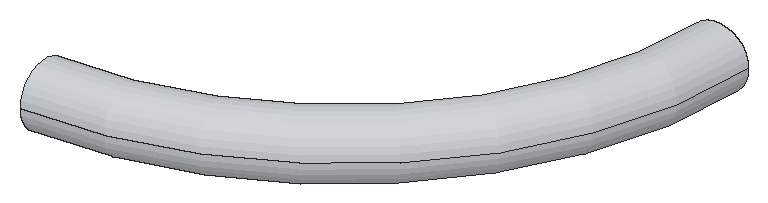
Revit family "TuberiaPEALPE_Curva90_gas_Extrucol_0015", category Uniones de tubería, Revit 2020
Family settings
  Cota de conector redondo = Diámetro de uso
  Tipo de pieza = Codo
  Se basa en plano de trabajo = No
  Siempre vertical = Sí
  Corte con vacíos al cargar = No
  Compartido = No
Parameters
  x [instance] = Radio Curvatura * tan(Angulo / 2)  # 120 mm
  URL = "http://www.extrucol.com/"
  Radio Curvatura [instance] = DN * 6  # 120 mm
  Fabricante = "Extrucol"
  Elevación por defecto = 0 mm
  Descripción = "Codo 90° PE100"
  DN [instance] = 20 mm
  Angulo [instance] = 90.00°
Reference planes
  plane 1 "Centro (Frontal/Posterior)": y = 0
  plane 2: z = 0
  plane 3 "Centro (Izquierda/Derecha)": x = 0
  plane 4: x = -120
  plane 5: y = 120
Forms (mm)
  Sweep 1, solid
    path in 3D
      loop
        arc (-120, 0, 0) -> (-35.147, 35.147, 0) -> (0, 120, 0) r 120
    profile origin (-35.147, 35.147, 0) x (-0.707107, 0.707107, 0) y (0, 0, 1)
      loop
        circle (0, 0) r 10
Lines and regions (mm)
  model lines
    curve 1: arc (-120, 0, 0) -> (-35.147, 35.147, 0) -> (0, 120, 0) r 120
  sketch lines
    curve 2: arc (-120, 0, 0) -> (-35.147, 35.147, 0) -> (0, 120, 0) r 120
Dimensions and locks
  "x": plane 4 to plane 3 "Centro (Izquierda/Derecha)"
  "Radio Curvatura": plane 5 to plane 1 "Centro (Frontal/Posterior)"
  "DN": diameter of Sweep 1 sketch curve
  aligned and locked: level to plane 2
  aligned and locked: plane 1 "Centro (Frontal/Posterior)" to curve 1
  aligned and locked: connector elem to curve 1
Automatic sketch dimensions
  curve 1 to plane 4 = 0 mm
  curve 1 to plane 3 "Centro (Izquierda/Derecha)" = 0 mm
  Sweep 1 sketch curve to profile plane = 0 mm
  profile plane to Sweep 1 sketch curve = 0 mm
Connectors
  piping at (-120, 0, 0), diameter 20, driven by "DN"
    settings: on Sweep 1, index 1, connector inside diameter 609.6 mm, connector length 0 mm, flow factor 0, pipe flow 0.0 L/s, pressure drop 0.0 Pa, fitting loss kfactor 0, connector angle 90.00°, fixture units 0, engagement length 0 mm, angle of deflection 0.00°, flow configuration 0, flow direction 0, fitting loss method 0, system type 28, joint type 0, gender type 0, connector reference index 2, connector utility 0, adjustable connector no, is connector primary yes, connector description ""
  piping at (0, 120, 0), diameter 20, driven by "DN"
    settings: on Sweep 1, index 2, connector inside diameter 609.6 mm, connector length 0 mm, flow factor 0, pipe flow 0.0 L/s, pressure drop 0.0 Pa, fitting loss kfactor 0, connector angle 90.00°, fixture units 0, engagement length 0 mm, angle of deflection 0.00°, flow configuration 0, flow direction 0, fitting loss method 0, system type 28, joint type 0, gender type 0, connector reference index 1, connector utility 0, adjustable connector no, is connector primary no, connector description ""
